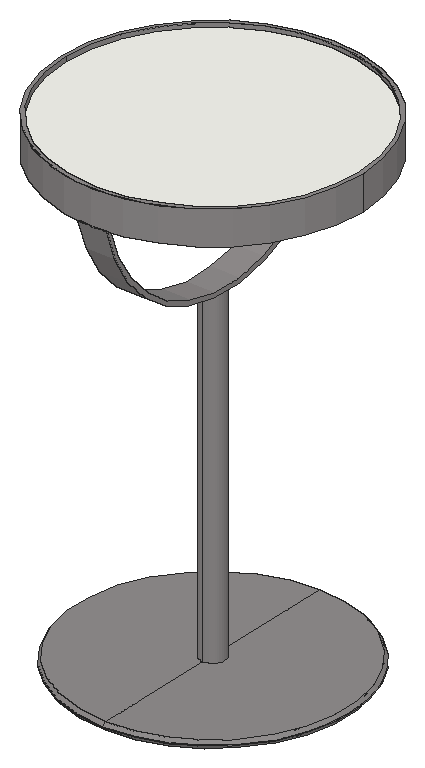
Revit family "FU_Table_Sandler_Frame 851-70", category Furniture, Revit 2020
Family settings
  OmniClass Number = 23.40.20.00
  OmniClass Title = General Furniture and Specialties
  Work Plane-Based = No
  Always vertical = Yes
  Cut with Voids When Loaded = No
  Shared = No
  Room Calculation Point = No
Parameters (values of type "Frame 851.70")
  Width = 600 mm
  URL = "https://www.sandlerseating.com/product/frame-851-70/"
  Top [instance] = HPL - Solid - White
  Model = "Frame 851.70"
  Manufacturer = "Sandler"
  Height = 980 mm
  Frame [instance] = Metal Lacquers - Bronze
  Description = "Table with round laminate top and matt lacquered steel column base."
  Depth = 600 mm
  Default Elevation = 0 mm
Reference planes
  plane 1 "Center (Front/Back)": y = 0
  plane 2: z = 0
  plane 3 "Center (Left/Right)": x = 0
  plane 4 "Right": x = -300
  plane 5 "Left": x = 300
  plane 6 "Back": y = 300
  plane 7 "Front": y = -300
  plane 8 "Height": z = 980
  plane 9 "Base Height": z = 675
Forms (mm)
  Revolve 1, solid, material "Metal Lacquers - Bronze" <- "Frame"
    sketch origin (0, 0, 0) x (0, 1, 0) y (0, 0, 1)
      loop
        line (0, 0) -> (0, 680.207) -> (-23.864, 680.207) -> (-23.864, 15.207) -> (-267.273, 15.207) -> (-272.727, 8.448) -> (-272.727, 6.759) -> (-267.273, 0) -> (0, 0)
      axis (0, 680.207) -> (0, 0)
    angle from 0 to 360
  Extrusion 2, solid, material "Metal Lacquers - Bronze" <- "Frame"
    sketch origin (0, 0, 0) x (0, 1, 0) y (0, 0, 1)
      loop
        arc (-300, 913.113) -> (-0.359, 675) -> (299.836, 912.414) r 308.043
        line (299.836, 912.414) -> (293.312, 912.414)
        arc (293.312, 912.414) -> (0.451, 684.359) -> (-291.863, 913.113) r 301.606
        line (-291.863, 913.113) -> (-300, 913.113)
    from -28 to 28.045
  Extrusion 3, solid, material "Metal Lacquers - Bronze" <- "Frame"
    sketch origin (0, 0, 0) x (1, 0, 0) y (0, 1, 0)
      loop
        circle (0, 0) r 300
      loop
        circle (0, 0) r 293
    from 912.414 to 980
  Extrusion 4, solid, material "HPL - Solid - White" <- "Top"
    sketch origin (0, 0, 0) x (1, 0, 0) y (0, 1, 0)
      loop
        circle (0, 0) r 292
    from 938 to 972
Cuts and joins
  joined: Revolve 1, Extrusion 2
Dimensions and locks
  equal spacing: plane 4 "Right", plane 3 "Center (Left/Right)", plane 5 "Left"
  "Width": plane 4 "Right" to plane 5 "Left"
  equal spacing: plane 6 "Back", plane 1 "Center (Front/Back)", plane 7 "Front"
  "Depth": plane 6 "Back" to plane 7 "Front"
  "Height": plane 8 "Height" to level
  plane 9 "Base Height" to level = 675 mm
  aligned and locked: level to plane 2
Automatic sketch dimensions
  Revolve 1 sketch curve to level = 0 mm
  Revolve 1 sketch curve to plane 1 "Center (Front/Back)" = 0 mm  (x2)
  plane 9 "Base Height" to Revolve 1 sketch curve = 5.207 mm
  plane 1 "Center (Front/Back)" to Revolve 1 sketch curve = 23.864 mm
  plane 7 "Front" to Revolve 1 sketch curve = 32.727 mm
  level to Revolve 1 sketch curve = 15.207 mm
  Revolve 1 sketch curve to Revolve 1 sketch curve = 0 mm
  level to Revolve 1 sketch curve = 6.759 mm
  Revolve 1 sketch curve to Revolve 1 sketch curve = 5.455 mm
  Revolve 1 sketch curve to Revolve 1 sketch curve = 1.69 mm
  Revolve 1 sketch curve to level = 22.551 mm
  Revolve 1 sketch curve to Revolve 1 sketch curve = 62.242 mm
  Extrusion 2 sketch curve to plane 7 "Front" = 0 mm
  Extrusion 2 sketch curve to plane 1 "Center (Front/Back)" = 0 mm
  Extrusion 2 sketch curve to plane 6 "Back" = 0.164 mm
  plane 7 "Front" to Extrusion 2 sketch curve = 8.137 mm
  Extrusion 2 sketch curve to plane 1 "Center (Front/Back)" = 0.812 mm
  plane 8 "Height" to Extrusion 2 sketch curve = 3.043 mm
  Extrusion 2 sketch curve to Extrusion 2 sketch curve = 2.921 mm
  Extrusion 2 sketch curve to plane 6 "Back" = 6.688 mm
  Extrusion 3 sketch curve to Extrusion 3 sketch curve = 0 mm  (x2)
  plane 1 "Center (Front/Back)" to Extrusion 3 sketch curve = 0 mm
  Extrusion 3 sketch curve to plane 3 "Center (Left/Right)" = 0 mm
  plane 1 "Center (Front/Back)" to Extrusion 4 sketch curve = 0 mm
  Extrusion 4 sketch curve to plane 3 "Center (Left/Right)" = 0 mm
  radius of Extrusion 3 sketch curve = 300 mm
  radius of Extrusion 3 sketch curve = 293 mm
  radius of Extrusion 4 sketch curve = 292 mm
